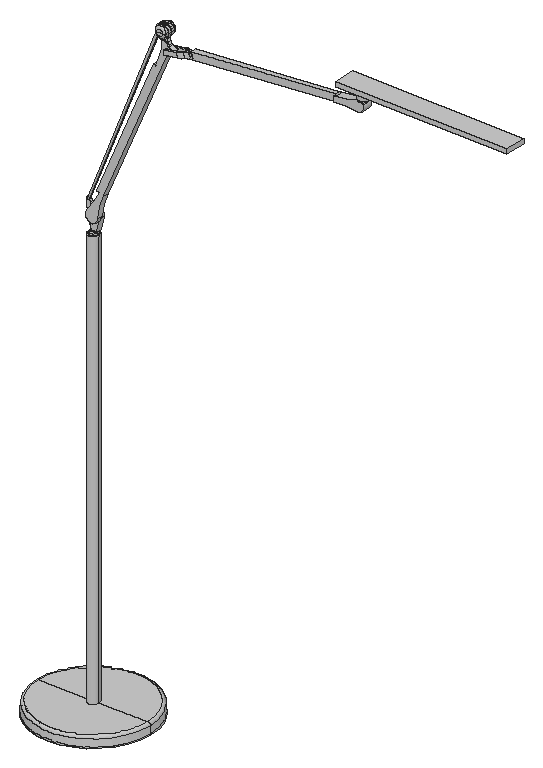
Revit family "Human_Solution-UPLIFT_Desk_FLOOR_MOUNT BASE", category Lighting Fixtures, Revit 2019
Family settings
  Round Connector Dimension = Use Diameter
  Part Type = Normal
  OmniClass Number = 23.40.20.00
  OmniClass Title = General Furniture and Specialties
  Work Plane-Based = No
  Always vertical = Yes
  Cut with Voids When Loaded = No
  Light Source = No
  Shared = No
  Room Calculation Point = No
Parameters (values of type "Floor Base for E7 LED Desk Lamp")
  Voltage = 120 V
  Unit = HMS - Aluminum
  Width = 13 9/16"
  URL = "https://www.thehumansolution.com/"
  Type Comments = "Lighting"  # constant formula
  Salvage or Reuse = yes
  Percentage of Recycled Content = 0
  Model = "LTG001 with LTG003-FLOOR MOUNT BASE"
  Material = ""
  Manufacturer = "Human Solution"  # constant formula
  Low Emitting Material = yes
  Low Emitting Finish = yes
  Keynote = "12500"
  Height = 52"
  Description = "Floor Base for E7 LED Desk Lamp  513.\"W 1 11/16\"D 52\"H"
  Depth = 1 11/16"
  Assembly Code = "E2020200"
Reference planes (in)
  plane 1 "Center Front/Back": y = 0
  plane 2: z = 0
  plane 3 "Center Left/Right": x = 0
  plane 4: y = 0.84375
  plane 5: y = -0.84375
  plane 6: x = -6.78125
  plane 7: x = 6.78125
  plane 8: x = 24.59268
  plane 9: z = 51.50186
Forms (in)
  Revolve 1, solid, material "HMS - Aluminum" <- "Unit"
    sketch origin (24.39628, 0, 51.89458) x (-1, 0, 0) y (0, 0, -1)
      loop
        line (5.28125, 0.33426) -> (5.28125, 1.33426) -> (5.03125, 1.33426) -> (5.03125, 1.10951) -> (4.88893, 1.10951) -> (4.88004, 1.01276) -> (4.79673, 0.33426) -> (5.28125, 0.33426)
      axis (5.28125, 1.33426) -> (5.28125, 0.33426)
    angle from 0 to 360
  Extrusion 2, solid, material "HMS - Aluminum" <- "Unit"
    sketch origin (-29.94316, 0, 99.46834) x (-1, 0, 0) y (0, 0, -1)
      loop
        arc (-47.05215, 49.38028) -> (-47.99347, 49.34771) -> (-48.93177, 49.42982) r 7.73328
        arc (-48.93177, 49.42982) -> (-49.3906, 48.99974) -> (-48.86663, 48.65196) r 0.40101
        arc (-48.86663, 48.65196) -> (-47.95493, 48.89255) -> (-47.0217, 49.02727) r 8.22961
        line (-47.0217, 49.02727) -> (-47.05215, 49.38028)
    from -0.34949 to 0.35067
  Extrusion 3, solid, material "HMS - Aluminum" <- "Unit"
    sketch origin (24.39628, 0, 51.89458) x (-1, 0, 0) y (0, 0, -1)
      loop
        line (18.64878, 2.331) -> (18.60074, 2.88009) -> (7.22686, 1.885) -> (7.2749, 1.33592) -> (18.64878, 2.331)
    from -0.19635 to 0.19635
  Extrusion 4, solid, material "HMS - Aluminum" <- "Unit"
    sketch origin (23.71716, 0, 54.77355) x (-0.987688, 0, -0.156434) y (0, 1, 0)
      loop
        line (18.60074, 0.19635) -> (18.60074, -0.19635) -> (18.80994, -0.19635)
        arc (18.80994, -0.19635) -> (18.98349, -0.21887) -> (19.14555, -0.28495) r 0.67995
        arc (19.14555, -0.28495) -> (19.3662, -0.37492) -> (19.60251, -0.40558) r 0.92581
        line (19.60251, -0.40558) -> (20.68427, -0.40558) -> (20.68427, 0.40695) -> (19.58746, 0.40695)
        arc (19.58746, 0.40695) -> (19.34799, 0.37479) -> (19.12548, 0.2806) r 0.90774
        arc (19.12548, 0.2806) -> (18.97713, 0.21779) -> (18.81747, 0.19635) r 0.60521
        line (18.81747, 0.19635) -> (18.60074, 0.19635)
      loop
        line (18.62991, 0.03298) -> (18.62991, -0.03158) -> (18.85912, -0.03158)
        arc (18.85912, -0.03158) -> (19.06895, -0.09516) -> (19.26715, -0.18893) r 1.4858
        arc (19.26715, -0.18893) -> (19.44006, -0.25937) -> (19.62521, -0.28337) r 0.726
        line (19.62521, -0.28337) -> (20.62454, -0.28337) -> (20.62454, 0.25931) -> (19.52911, 0.25931)
        arc (19.52911, 0.25931) -> (19.36451, 0.23144) -> (19.21826, 0.15094) r 0.5
        arc (19.21826, 0.15094) -> (19.05907, 0.06332) -> (18.87991, 0.03298) r 0.54425
        line (18.87991, 0.03298) -> (18.62991, 0.03298)
    from 2.51759 to 2.87507
  Revolve 5, solid, material "HMS - Aluminum" <- "Unit"
    sketch origin (24.05726, 0, 50.22867) x (0, 1, 0) y (-1, 0, 0)
      loop
        line (0.52506, 20.56739) -> (-0.52369, 20.56739) -> (-0.52369, 20.30063)
        arc (-0.52369, 20.30063) -> (-0.49604, 20.2149) -> (-0.43563, 20.1481) r 0.21444
        line (-0.43563, 20.1481) -> (-0.25795, 20.1481) -> (-0.25795, 20.05313) -> (-0.10199, 20.05313) -> (-0.10199, 20.09396) -> (0.03543, 20.09396) -> (0.03543, 20.05893) -> (0.24726, 20.05893) -> (0.24726, 20.12458) -> (0.40695, 20.12458)
        arc (0.40695, 20.12458) -> (0.4834, 20.19674) -> (0.52506, 20.29326) r 0.26022
        line (0.52506, 20.29326) -> (0.52506, 20.56739)
      axis (0.52506, 20.56739) -> (-0.52369, 20.56739)
    angle from 0 to 360
  Extrusion 6, solid, material "HMS - Aluminum" <- "Unit"
    sketch origin (24.41567, 0, 78.1403) x (-1, 0, 0) y (0, 0, -1)
      loop
        line (25.63072, 41.25619) -> (20.63792, 29.67936)
        arc (20.63792, 29.67936) -> (20.40433, 29.33519) -> (20.06017, 29.1016) r 1.10632
        line (20.06017, 29.1016) -> (21.09938, 28.48034)
        arc (21.09938, 28.48034) -> (21.01122, 28.98034) -> (21.09938, 29.48034) r 1.4619
        line (21.09938, 29.48034) -> (21.50225, 30.58721) -> (21.6629, 30.51793) -> (26.13136, 41.04027) -> (25.95609, 41.11586)
        arc (25.95609, 41.11586) -> (26.36642, 41.93556) -> (26.92485, 42.66248) r 4.80805
        arc (26.92485, 42.66248) -> (26.76976, 43.43376) -> (26.08922, 43.03905) r 0.48395
        arc (26.08922, 43.03905) -> (25.9294, 42.12977) -> (25.63072, 41.25619) r 5.94479
    from -0.19635 to 0.19499
  Extrusion 7, solid, material "HMS - Aluminum" <- "Unit"
    sketch origin (18.78906, 0, 63.88665) x (-1, 0, 0) y (0, 0, -1)
      loop
        arc (20.56739, 28.36075) -> (20.97189, 28.05503) -> (21.2211, 27.61347) r 1.24598
        arc (21.2211, 27.61347) -> (21.32031, 27.54556) -> (21.41046, 27.62512) r 0.09784
        arc (21.41046, 27.62512) -> (21.38814, 28.36801) -> (21.05669, 29.03324) r 1.73306
        arc (21.05669, 29.03324) -> (20.98322, 28.57244) -> (20.56739, 28.36075) r 0.51425
    from -0.09843 to 0.09459
  Revolve 8, solid, material "HMS - Aluminum" <- "Unit"
    sketch origin (24.39628, 0, 51.89458) x (-1, 0, 0) y (0, 0, -1)
      loop
        line (21.35982, 1.76775) -> (21.4335, 1.73818) -> (27.01977, 15.65916) -> (26.9461, 15.68873) -> (21.35982, 1.76775)
      axis (21.35982, 1.76775) -> (26.9461, 15.68873)
    angle from 0 to 360
  Extrusion 9, solid, material "HMS - Aluminum" <- "Unit"
    sketch origin (30.5002, 0, 91.6263) x (-1, 0, 0) y (0, 0, -1)
      loop
        arc (26.80194, 41.62579) -> (26.88534, 41.51252) -> (27.01534, 41.56625) r 0.11412
        arc (27.01534, 41.56625) -> (27.22004, 42.30842) -> (27.05024, 43.05934) r 1.58229
        arc (27.05024, 43.05934) -> (26.80399, 42.68793) -> (26.40931, 42.48101) r 0.89636
        arc (26.40931, 42.48101) -> (26.70568, 42.09934) -> (26.80194, 41.62579) r 1.06044
    from -0.09843 to 0.09843
  Extrusion 10, solid, material "HMS - Aluminum" <- "Unit"
    sketch origin (24.40452, 0, 78.03914) x (-1, 0, 0) y (0, 0, -1)
      loop
        line (26.76548, 44.03914) -> (26.33148, 44.03914)
        arc (26.33148, 44.03914) -> (26.23201, 43.54154) -> (26.09371, 43.05331) r 6.44705
        arc (26.09371, 43.05331) -> (26.58588, 42.39849) -> (27.03286, 43.08494) r 0.5
        arc (27.03286, 43.08494) -> (26.87301, 43.55471) -> (26.76548, 44.03914) r 4.53242
    from -0.41339 to -0.05906
  Revolve 11, solid, material "HMS - Aluminum" <- "Unit"
    sketch origin (24.39628, 0, 51.89458) x (-1, 0, 0) y (0, 0, -1)
      loop
        line (26.55943, 17.953) -> (26.55943, 51.89458) -> (22.02277, 51.89458) -> (22.02277, 51.79616) -> (22.06988, 51.25769)
        arc (22.06988, 51.25769) -> (22.13657, 51.12246) -> (22.2771, 51.06781) r 0.20801
        line (22.2771, 51.06781) -> (26.12466, 51.06781) -> (26.12466, 18.07653) -> (26.16487, 18.03632) -> (26.24819, 18.03632) -> (26.24819, 17.953) -> (26.55943, 17.953)
      axis (26.55943, 51.89458) -> (26.55943, 17.953)
    angle from 0 to 360
  Extrusion 12, solid, material "HMS - Aluminum" <- "Unit"
    sketch origin (0, 0, -26) x (1, 0, 0) y (0, 1, 0)
      loop
        line (17.59268, 0.84029) -> (17.59268, -0.84029) -> (31.0961, -0.84029) -> (31.0961, 0.84029) -> (17.59268, 0.84029)
    from 77.85957 to 77.50186
Lines and regions (in)
  symbolic lines, detail levels fine
    curve 1: circle (-2.19571, 0.00068, 0) r 4.53656 normal (0, 0, -1)
    curve 2: line (-2.65859, -0.19499, 0) -> (-2.65859, 0.09843, 0)
    curve 3: line (-2.65859, 0.09843, 0) -> (2.96899, 0.09843, 0)
    curve 4: line (-2.65859, -0.09843, 0) -> (2.96899, -0.09843, 0)
    curve 5: line (2.96899, -0.09843, 0) -> (2.96899, 0.09843, 0)
    curve 6: line (-2.65859, -0.19499, 0) -> (3.84141, -0.19499, 0)
    curve 7: line (3.84141, -0.19499, 0) -> (3.81328, 0.20721, 0)
    curve 8: line (3.81328, 0.20721, 0) -> (-2.65859, 0.20721, 0)
    curve 9: line (-2.65859, 0.09843, 0) -> (-2.65859, 0.20721, 0)
    curve 10: line (3.32549, 0.20721, 0) -> (3.32549, 0.24726, 0)
    curve 11: line (3.32549, 0.24726, 0) -> (4.33735, 0.24726, 0)
    curve 12: line (4.33735, 0.24726, 0) -> (4.33735, 0.03543, 0)
    curve 13: line (4.33735, 0.03543, 0) -> (4.30232, 0.03543, 0)
    curve 14: line (4.30232, 0.03543, 0) -> (4.30232, -0.10199, 0)
    curve 15: line (4.30232, -0.10199, 0) -> (3.83491, -0.10199, 0)
    curve 16: line (3.2969, -0.19499, 0) -> (3.2969, -0.25795, 0)
    curve 17: line (3.2969, -0.25795, 0) -> (4.34315, -0.25795, 0)
    curve 18: line (4.34315, -0.25795, 0) -> (4.34315, -0.10199, 0)
    curve 19: line (4.34315, -0.10199, 0) -> (4.30232, -0.10199, 0)
    curve 20: line (3.41579, -0.25795, 0) -> (3.41579, -0.43563, 0)
    curve 21: line (3.41579, -0.43563, 0) -> (4.24819, -0.43563, 0)
    curve 22: line (4.24819, -0.43563, 0) -> (4.24819, -0.25795, 0)
    curve 23: line (3.39171, 0.24726, 0) -> (3.39171, 0.40695, 0)
    curve 24: line (3.39171, 0.40695, 0) -> (4.82061, 0.40695, 0)
    curve 25: line (3.55477, 0.52506, 0) -> (4.10303, 0.52506, 0)
    curve 26: arc (4.10303, 0.52506, 0) -> (4.20599, 0.4926, 0) -> (4.27171, 0.40695, 0) r 0.1795
    curve 27: arc (3.39171, 0.40695, 0) -> (3.4541, 0.49243, 0) -> (3.55477, 0.52506, 0) r 0.17161
    curve 28: arc (3.41579, -0.43563, 0) -> (3.4786, -0.49689, 0) -> (3.56214, -0.52369, 0) r 0.19146
    curve 29: line (3.56214, -0.52369, 0) -> (4.10874, -0.52369, 0)
    curve 30: arc (4.10874, -0.52369, 0) -> (4.1912, -0.49983, 0) -> (4.24819, -0.43563, 0) r 0.15444
    curve 31: line (4.24819, -0.28337, 0) -> (4.72741, -0.28337, 0)
    curve 32: line (4.33735, 0.24726, 0) -> (4.83735, 0.24726, 0)
    curve 33: line (5.46354, 0.03298, 0) -> (5.74751, 0.03298, 0)
    curve 34: line (5.48406, -0.03158, 0) -> (5.74751, -0.03158, 0)
    curve 35: line (5.74751, 0.19635, 0) -> (5.74751, -0.19635, 0)
    curve 36: line (5.74751, -0.19635, 0) -> (5.53264, -0.19635, 0)
    curve 37: line (4.24819, -0.40558, 0) -> (4.74983, -0.40558, 0)
    curve 38: arc (4.72741, -0.28337, 0) -> (5.11447, -0.18372, 0) -> (5.48406, -0.03158, 0) r 2.88785
    curve 39: arc (4.74983, -0.40558, 0) -> (5.15497, -0.35237, 0) -> (5.53264, -0.19635, 0) r 1.56902
    curve 40: arc (4.83735, 0.24726, 0) -> (5.15949, 0.16655, 0) -> (5.46354, 0.03298, 0) r 1.97433
    curve 41: arc (4.82061, 0.40695, 0) -> (5.18831, 0.35317, 0) -> (5.52521, 0.19635, 0) r 1.28398
    curve 42: line (5.52521, 0.19635, 0) -> (17.16942, 0.19635, 0)
    curve 43: line (5.74751, -0.19635, 0) -> (17.12138, -0.19635, 0)
    curve 44: line (17.16942, 0.19635, 0) -> (17.16942, 0.34949, 0)
    curve 45: line (17.16942, 0.34949, 0) -> (17.59268, 0.34949, 0)
    curve 46: line (17.12138, -0.19635, 0) -> (17.12138, -0.35067, 0)
    curve 47: line (17.12138, -0.35067, 0) -> (17.59268, -0.35067, 0)
    curve 48: line (17.59268, 0.77396, 0) -> (17.59268, -0.84029, 0)
    curve 49: line (17.59268, -0.84029, 0) -> (31.0961, -0.84029, 0)
    curve 50: line (31.0961, -0.84029, 0) -> (31.0961, 0.77396, 0)
    curve 51: line (31.0961, 0.77396, 0) -> (17.59268, 0.77396, 0)
Dimensions and locks (in)
  equal spacing: plane 4, plane 1 "Center Front/Back", plane 5
  "Depth": plane 4 to plane 5
  equal spacing: plane 6, plane 3 "Center Left/Right", plane 7
  "Width": plane 6 to plane 7
  aligned and locked: level to plane 2
  aligned and locked: plane 9 to Extrusion 12
Automatic sketch dimensions
  plane 7 to Revolve 1 sketch curve = 12.8183"
  Revolve 1 sketch curve to Revolve 1 sketch curve = 0.08331"
  Revolve 1 sketch curve to Revolve 1 sketch curve = 0.00889"
  Revolve 1 sketch curve to Revolve 1 sketch curve = 0.14232"
  Revolve 1 sketch curve to Revolve 1 sketch curve = 1/4"  (x2)
  Revolve 1 sketch curve to Revolve 1 sketch curve = 0.22474"
  Revolve 1 sketch curve to Revolve 1 sketch curve = 0.2816"
  Revolve 1 sketch curve to Revolve 1 sketch curve = 0.30598"
  plane 7 to Extrusion 2 sketch curve = 12.26658"
  Extrusion 2 sketch curve to Extrusion 2 sketch curve = 1.20126"
  Extrusion 2 sketch curve to Extrusion 2 sketch curve = 1.93884"
  Extrusion 2 sketch curve to Extrusion 2 sketch curve = 0.03045"
  Extrusion 2 sketch curve to Extrusion 2 sketch curve = 0.70728"
  Extrusion 2 sketch curve to Extrusion 2 sketch curve = 7.69803"
  Extrusion 2 sketch curve to Extrusion 2 sketch curve = 0"
  plane 7 to Extrusion 3 sketch curve = 10.38817"
  Extrusion 3 sketch curve to Extrusion 3 sketch curve = 0.04804"
  Extrusion 3 sketch curve to plane 7 = 0.98571"
  Extrusion 4 sketch curve to plane 5 = 0.63771"
  Extrusion 4 sketch curve to plane 1 "Center Front/Back" = 0.19635"
  Extrusion 4 sketch curve to Extrusion 4 sketch curve = 17/256"
  plane 1 "Center Front/Back" to Extrusion 4 sketch curve = 0.03158"
  Extrusion 4 sketch curve to Extrusion 4 sketch curve = 0.02917"
  Extrusion 4 sketch curve to plane 5 = 0.03255"
  Extrusion 4 sketch curve to Extrusion 4 sketch curve = 0.27559"
  Extrusion 4 sketch curve to plane 4 = 0.04219"
  Extrusion 4 sketch curve to Extrusion 4 sketch curve = 0.21673"
  Extrusion 4 sketch curve to Extrusion 4 sketch curve = 0.04918"
  Extrusion 4 sketch curve to plane 1 "Center Front/Back" = 0.03298"
  Extrusion 4 sketch curve to Extrusion 4 sketch curve = 0.02079"
  Extrusion 4 sketch curve to plane 1 "Center Front/Back" = 0.25931"
  Extrusion 4 sketch curve to Extrusion 4 sketch curve = 0.6492"
  Extrusion 4 sketch curve to Extrusion 4 sketch curve = 0.05836"
  Extrusion 4 sketch curve to Extrusion 4 sketch curve = 0.01505"
  Extrusion 4 sketch curve to Extrusion 4 sketch curve = 0.0961"
  plane 1 "Center Front/Back" to Extrusion 4 sketch curve = 0.28337"
  Extrusion 4 sketch curve to Extrusion 4 sketch curve = 0.99934"
  Extrusion 4 sketch curve to Extrusion 4 sketch curve = 0.05973"
  Extrusion 4 sketch curve to Extrusion 4 sketch curve = 0.21742"
  Extrusion 4 sketch curve to Extrusion 4 sketch curve = 0.09521"
  Extrusion 4 sketch curve to Extrusion 4 sketch curve = 0.04269"
  Extrusion 4 sketch curve to Extrusion 4 sketch curve = 0.16477"
  Extrusion 4 sketch curve to Extrusion 4 sketch curve = 0.14764"
  Extrusion 4 sketch curve to Extrusion 4 sketch curve = 0.03567"
  Extrusion 4 sketch curve to Extrusion 4 sketch curve = 0.0776"
  Extrusion 4 sketch curve to Extrusion 4 sketch curve = 0.22432"
  plane 5 to Revolve 5 sketch curve = 0.32006"
  Revolve 5 sketch curve to Revolve 5 sketch curve = 0.08806"
  Revolve 5 sketch curve to Revolve 5 sketch curve = 0.21336"
  Revolve 5 sketch curve to Revolve 5 sketch curve = 0.17768"
  plane 1 "Center Front/Back" to Revolve 5 sketch curve = 0.10199"
  Revolve 5 sketch curve to plane 1 "Center Front/Back" = 0.03543"  (x2)
  Revolve 5 sketch curve to Revolve 5 sketch curve = 0.21183"
  Revolve 5 sketch curve to Revolve 5 sketch curve = 0.02297"
  Revolve 5 sketch curve to Revolve 5 sketch curve = 0.15969"
  Revolve 5 sketch curve to Revolve 5 sketch curve = 0.11811"
  Revolve 5 sketch curve to plane 7 = 2.77712"
  Revolve 5 sketch curve to Revolve 5 sketch curve = 0.0058"
  Revolve 5 sketch curve to Revolve 5 sketch curve = 0.04083"
  Revolve 5 sketch curve to Revolve 5 sketch curve = 0.06565"
  Revolve 5 sketch curve to Revolve 5 sketch curve = 0.09496"
  Revolve 5 sketch curve to Revolve 5 sketch curve = 0.16868"
  Revolve 5 sketch curve to Revolve 5 sketch curve = 0.15253"
  Revolve 5 sketch curve to Revolve 5 sketch curve = 0.27413"
  Revolve 5 sketch curve to Revolve 5 sketch curve = 0.0206"
  Revolve 5 sketch curve to Revolve 5 sketch curve = 0.22139"
  Extrusion 6 sketch curve to plane 7 = 1.98763"
  Extrusion 6 sketch curve to Extrusion 6 sketch curve = 0.43812"
  Extrusion 6 sketch curve to plane 7 = 2.53754"
  Extrusion 6 sketch curve to Extrusion 6 sketch curve = 0.57775"
  Extrusion 6 sketch curve to Extrusion 6 sketch curve = 0.46146"
  Extrusion 6 sketch curve to Extrusion 6 sketch curve = 0"  (x2)
  Extrusion 6 sketch curve to Extrusion 6 sketch curve = 0.40287"
  Extrusion 6 sketch curve to Extrusion 6 sketch curve = 0.16065"
  Extrusion 6 sketch curve to Extrusion 6 sketch curve = 1.37374"
  Extrusion 6 sketch curve to plane 3 "Center Left/Right" = 1.21505"
  Extrusion 6 sketch curve to Extrusion 6 sketch curve = 0.32537"
  Extrusion 6 sketch curve to Extrusion 6 sketch curve = 0.17528"
  Extrusion 6 sketch curve to Extrusion 6 sketch curve = 0.94021"
  plane 6 to Extrusion 6 sketch curve = 0.75581"
  Extrusion 6 sketch curve to Extrusion 6 sketch curve = 1/2"
  Extrusion 6 sketch curve to Extrusion 6 sketch curve = 0.37874"
  Extrusion 6 sketch curve to Extrusion 6 sketch curve = 0.19902"
  Extrusion 6 sketch curve to Extrusion 6 sketch curve = 1.03759"
  Extrusion 6 sketch curve to Extrusion 6 sketch curve = 0.06928"
  Extrusion 6 sketch curve to Extrusion 6 sketch curve = 8.86533"
  Extrusion 6 sketch curve to Extrusion 6 sketch curve = 1.65702"
  Extrusion 6 sketch curve to Extrusion 6 sketch curve = 0.07559"
  Extrusion 6 sketch curve to Extrusion 6 sketch curve = 0.14032"
  Extrusion 6 sketch curve to Extrusion 6 sketch curve = 1.73635"
  Extrusion 6 sketch curve to Extrusion 6 sketch curve = 2.35423"
  Extrusion 7 sketch curve to plane 7 = 7.6995"
  Extrusion 7 sketch curve to Extrusion 7 sketch curve = 0.32679"
  Extrusion 7 sketch curve to Extrusion 7 sketch curve = 0.86008"
  Extrusion 7 sketch curve to Extrusion 7 sketch curve = 0.74692"
  Extrusion 7 sketch curve to Extrusion 7 sketch curve = 0.40856"
  Extrusion 7 sketch curve to Extrusion 7 sketch curve = 0.71108"
  Extrusion 7 sketch curve to Extrusion 7 sketch curve = 0.92927"
  Extrusion 7 sketch curve to Extrusion 7 sketch curve = 0.4893"
  Extrusion 7 sketch curve to Extrusion 7 sketch curve = 0.09321"
  Extrusion 7 sketch curve to Extrusion 7 sketch curve = 0"
  plane 3 "Center Left/Right" to Revolve 8 sketch curve = 3.03646"
  Revolve 8 sketch curve to Revolve 8 sketch curve = 0.07368"
  Revolve 8 sketch curve to plane 3 "Center Left/Right" = 2.54981"
  Revolve 8 sketch curve to Revolve 8 sketch curve = 0.02957"
  Revolve 8 sketch curve to Revolve 8 sketch curve = 0.0931"
  Revolve 8 sketch curve to Revolve 8 sketch curve = 0.07994"
  Revolve 8 sketch curve to Revolve 8 sketch curve = 0.23202"
  Revolve 8 sketch curve to Revolve 8 sketch curve = 51/256"
  plane 3 "Center Left/Right" to Extrusion 9 sketch curve = 4.86201"
  Extrusion 9 sketch curve to Extrusion 9 sketch curve = 0.10377"
  Extrusion 9 sketch curve to Extrusion 9 sketch curve = 0.56531"
  Extrusion 9 sketch curve to Extrusion 9 sketch curve = 1.17406"
  Extrusion 9 sketch curve to Extrusion 9 sketch curve = 0.03444"
  Extrusion 9 sketch curve to Extrusion 9 sketch curve = 0.68851"
  Extrusion 9 sketch curve to Extrusion 9 sketch curve = 1.00802"
  Extrusion 9 sketch curve to Extrusion 9 sketch curve = 0.77113"
  Extrusion 9 sketch curve to Extrusion 9 sketch curve = 0.11407"
  Extrusion 9 sketch curve to Extrusion 9 sketch curve = 0"  (x2)
  Extrusion 10 sketch curve to plane 7 = 2.34141"
  Extrusion 10 sketch curve to plane 3 "Center Left/Right" = 1.92696"
  Extrusion 10 sketch curve to Extrusion 10 sketch curve = 0.23756"
  Extrusion 10 sketch curve to Extrusion 10 sketch curve = 0.434"
  Extrusion 10 sketch curve to plane 6 = 0.05155"
  Extrusion 10 sketch curve to Extrusion 10 sketch curve = 1.14093"
  Extrusion 10 sketch curve to Extrusion 10 sketch curve = 0.73855"
  Extrusion 10 sketch curve to Extrusion 10 sketch curve = 1.01402"
  Extrusion 10 sketch curve to Extrusion 10 sketch curve = 0"
  level to Revolve 11 sketch curve = 0"
  plane 3 "Center Left/Right" to Revolve 11 sketch curve = 2.37351"
  level to Revolve 11 sketch curve = 0.6369"
  Revolve 11 sketch curve to Revolve 11 sketch curve = 0.04711"
  Revolve 11 sketch curve to Revolve 11 sketch curve = 0.20721"
  Revolve 11 sketch curve to plane 3 "Center Left/Right" = 1.72837"
  Revolve 11 sketch curve to Revolve 11 sketch curve = 0.04021"  (x2)
  Revolve 11 sketch curve to Revolve 11 sketch curve = 0.08332"  (x2)
  Revolve 11 sketch curve to Revolve 11 sketch curve = 0.43478"
  Revolve 11 sketch curve to Revolve 11 sketch curve = 0.18988"
  Revolve 11 sketch curve to Revolve 11 sketch curve = 0.09843"
  Revolve 11 sketch curve to plane 3 "Center Left/Right" = 2.16315"
  Revolve 11 sketch curve to Revolve 11 sketch curve = 3.20979"
  Revolve 11 sketch curve to Revolve 11 sketch curve = 3/4"
  curve 9 to plane 1 "Center Front/Back" = 0.09843"
  curve 9 to plane 3 "Center Left/Right" = 2.65859"
  curve 1 to plane 1 "Center Front/Back" = 0.00068"
  curve 2 to curve 1 = 0.46289"
  plane 1 "Center Front/Back" to curve 4 = 0.09843"
  plane 3 "Center Left/Right" to curve 4 = 2.96899"
  curve 4 to curve 17 = 0.32792"
  curve 10 to plane 1 "Center Front/Back" = 0.24726"
  curve 3 to curve 10 = 0.3565"
  curve 10 to curve 24 = 0.06622"
  curve 16 to curve 21 = 0.11888"
  curve 27 to curve 27 = 0.16306"
  curve 20 to curve 29 = 0.14635"
  curve 20 to curve 28 = 0.16153"
  curve 7 to plane 1 "Center Front/Back" = 0.20721"
  curve 27 to curve 7 = 0.25852"
  plane 1 "Center Front/Back" to curve 7 = 0.19499"
  curve 28 to curve 7 = 0.2641"
  curve 7 to curve 26 = 0.28974"
  curve 6 to curve 30 = 0.26733"
  curve 25 to curve 38 = 0.09962"
  curve 30 to curve 21 = 0.13945"
  curve 14 to plane 1 "Center Front/Back" = 0.03543"
  curve 22 to curve 14 = 0.05413"
  curve 13 to curve 12 = 0.03503"
  curve 14 to curve 18 = 0.04083"
  curve 29 to curve 40 = 0.41152"
  curve 17 to curve 31 = 0.38426"
  plane 4 to curve 39 = 0.31969"
  curve 25 to curve 39 = 0.6468"
  curve 11 to curve 24 = 0.48326"
  curve 41 to curve 32 = 0.01674"
  curve 33 to plane 1 "Center Front/Back" = 0.03298"
  curve 32 to curve 33 = 0.62618"
  plane 1 "Center Front/Back" to curve 34 = 0.03158"
  curve 33 to curve 34 = 0.02053"
  curve 40 to curve 42 = 0.06167"
  curve 38 to curve 36 = 0.04858"
  curve 36 to curve 36 = 0.21487"
  plane 1 "Center Front/Back" to curve 46 = 0.35067"
  plane 7 to curve 46 = 10.34013"
  curve 43 to curve 44 = 0.04804"
  curve 48 to plane 4 = 0.06979"
  curve 44 to curve 48 = 0.42326"
  curve 48 to curve 50 = 13.50341"
  curve 41 to plane 5 = 0.03328"
  plane 5 to curve 49 = 0.00346"
  plane 5 to curve 29 = 0.32006"
  curve 28 to curve 21 = 0.08806"
  plane 1 "Center Front/Back" to curve 37 = 0.40558"
  curve 39 to curve 31 = 0.12221"
  curve 31 to curve 18 = 0.02543"
  plane 1 "Center Front/Back" to curve 18 = 0.10199"
  curve 42 to plane 1 "Center Front/Back" = 0.19635"
  curve 26 to curve 26 = 0.06139"
  curve 42 to curve 44 = 0.15314"
  curve 27 to curve 27 = 0.0535"
  Revolve 1 sketch curve to Revolve 1 sketch curve = 0.09093"
  Revolve 1 sketch curve to Revolve 1 sketch curve = 0.09675"
  Extrusion 2 sketch curve to Extrusion 2 sketch curve = 8.19916"
  Extrusion 2 sketch curve to Extrusion 2 sketch curve = 0.00594"
  Extrusion 2 sketch curve to Extrusion 2 sketch curve = 0.35302"
  level to Extrusion 3 sketch curve = 50.55867"
  Extrusion 3 sketch curve to Extrusion 3 sketch curve = 0.54908"
  Revolve 11 sketch curve to Revolve 11 sketch curve = 32.99128"
  plane 5 to Extrusion 12 sketch curve = 0.00346"
  plane 7 to Extrusion 12 sketch curve = 10.81143"
  Extrusion 12 sketch curve to Extrusion 12 sketch curve = 13.50341"
  Extrusion 12 sketch curve to plane 4 = 0.00346"
  plane 9 to Revolve 1 sketch curve = 0.05847"
  Extrusion 6 sketch curve to plane 9 = 1.8419"
  Extrusion 7 sketch curve to plane 9 = 14.84987"
  Revolve 8 sketch curve to plane 9 = 1.34546"
  Extrusion 9 sketch curve to plane 9 = 1.49801"
  Extrusion 10 sketch curve to plane 9 = 16.36093"
  plane 9 to Extrusion 2 sketch curve = 7.13837"
  radius of curve 1 = 4.53656"
